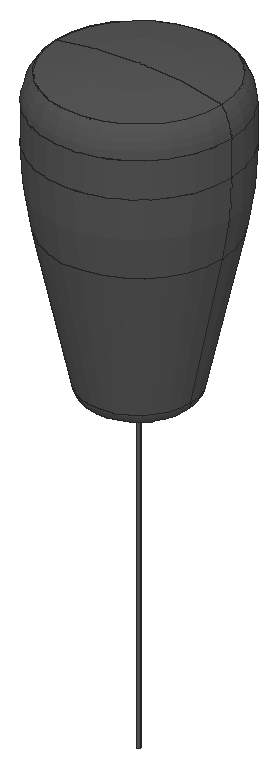
Revit family "Electronics_Desono_Biamp_Two-Way-Pendant-Mount-Loudspeaker_P6", category Communication Devices, host Face, Revit 2020
Family settings
  Host = Face
  Maintain Annotation Orientation = No
  Round Connector Dimension = Use Diameter
  Part Type = Normal
  OmniClass Number = 23.85.10.11.14.14.14
  OmniClass Title = Loudspeakers
  Cut with Voids When Loaded = No
  Shared = No
  Room Calculation Point = No
Parameters (values of type "P6 B")
  Weight = 11.0231 lbf  # constant formula
  URL = "https://www.biamp.com/"
  Transformer = "70V: 60W, 30W, 15W, 7.5W, 3.75W, 1.875W; 100V: 60W, 30W, 15W, 7.5W, 3.75W"  # constant formula
  Transducers = "LF 1 x 6.5 (165 mm) polypropylene cone; HF 1 x 1 (25 mm) soft dome"  # constant formula
  Shipping Weight = 31.967 lbf  # constant formula
  Recommended Amplifers = "60W - 120W @ 6 ohms (19V-27V)"  # constant formula
  Required Accessories = "80 Hz, 12dB/Oct high pass flter"  # constant formula
  Product data url = "https://www.bimobject.com/biamp/product/desono-p6_desono-pendant"
  Product Page URL = "https://www.biamp.com/products/product-families/desono/pendant-loudspeakers#desono-p6"
  Product Documentation Link = "https://downloads.biamp.com/assets/docs/default-source/data-sheets/biamp_data_sheet_desono_p6_feb21.pdf"
  Pendant Length [instance] = 1' - 3 191/256"
  Operating Range (-10dB) = "75 Hz to 18.5 kHz (-10dB)"  # constant formula
  Operating Mode = "Passive with DSP"  # constant formula
  Operating Environment = "Indoor/Outdoor (splash applications only)"  # constant formula
  Nominal Sensitivity @ 1m = "Passive - 1W 86dB - 2.83V 88dB)"  # constant formula
  Nominal Maximum SPL @ 1m = "Passive - Peak 110dB - Continuous 104dB)"  # constant formula
  Nominal Beamwidth  (H x V) = "90°, conical"  # constant formula
  Nom Pendant Length [instance] = if(or(Pendant Length < 0' 1", Pendant Length = 0' 1"), 0' 1", if(and(Pendant Length > 0' 1", Pendant Length < 16' 4"), Pendant Length, if(or(Pendant Length > 16' 4", Pendant Length = 16' 4"), 16' 4", 0' 0")))  # 1' - 3 191/256"
  Mounting Provisions = "Two pre-terminated aircraft cables (one as primary support,one as a safety cable), and Griplock cable fasteners 14 feet (4.3 m) of pre-terminated Magic Cable"  # constant formula
  Model = "P6 B"
  Min Pendant Length [instance] = 0' - 1"  # constant formula
  Max Pendant Length [instance] = 16' - 4"  # constant formula
  Manufacturer = "Biamp"  # constant formula
  Input Connection = "Pre-terminated inside housing"  # constant formula
  Housing Material = Biamp - Plastic - Black
  Height = 1' - 3.62992"  # constant formula
  Grill Material = Biamp - Plastic - Black(Grid)
  Diameter = 0' - 9.37008"  # constant formula
  Description = "Desono™ P6 Two-Way 6.5-Inch Pendant Mount Loudspeaker"  # constant formula
  Default Elevation = 4' - 0"
  Controls = "Wattage / low impedance selector switch"  # constant formula
  Continuous Power Handling Nominal Impedance = "Passive - 19V - 60W @ 6 ohms (240W peak)"  # constant formula
  Connector Description = "Terminal block; Low Impedance 6 ohms, 70/100V operation"  # constant formula
  Compliance = "ETL listed to comply with UL 1480A,Certifed to CSA C22.2#62368-1 and CSA C22.2#60950-22 Cable listed to comply with UL 13, Class 3 Indoor/Outdoor rated Suspension system and Griplock cable fasteners listed per UL1598 and UL2239, TUV and CSA Class 3426-01 and Class 3426-81"  # constant formula
  Bracket Material = Biamp - Metal - Black
Types (2): name | Pendant Length | Nom Pendant Length | Model | Housing Material | Grill Material | Bracket Material
  P6 W | 1' - 3.74803" | 1' - 3.74803" | "P6 W" | Biamp - Plastic - White | Biamp - Plastic - White(Grid) | Biamp - Metal - White
  P6 B | 1' - 3 191/256" | 1' - 3 191/256" | "P6 B" | Biamp - Plastic - Black | Biamp - Plastic - Black(Grid) | Biamp - Metal - Black
Reference planes (in)
  plane 1 "Center (Front/Back)": y = 0
  plane 2: z = 0
  plane 3 "Center (Left/Right)": x = 0
Forms (in)
  Extrusion 1, solid, material "Biamp - Metal - Black" <- "Bracket Material"
    sketch origin (0, 0, 0) x (-1, 0, 0) y (0, -1, 0)
      loop
        circle (0, 0) r 0.09843
    from 0 to 15.74609
  Revolve 2, solid, material "Biamp - Plastic - Black" <- "Housing Material", detail levels coarse
    sketch origin (-3.83416, 0, 15.74609) x (1, 0, 0) y (0, 0, 1)
      loop
        line (3.83416, 0.00351) -> (3.83416, 15.24409) -> (-0.45718, 15.24409)
        arc (-0.45718, 15.24409) -> (-0.73557, 15.12878) -> (-0.85088, 14.85039) r 0.3937
        line (-0.85088, 14.85039) -> (-0.85088, 11.65908)
        arc (-0.85088, 11.65908) -> (-0.74351, 9.74436) -> (-0.42274, 7.85366) r 17.12598
        arc (-0.42274, 7.85366) -> (0.49195, 4.3245) -> (1.19674, 0.7475) r 61.74106
        arc (1.19674, 0.7475) -> (1.39657, 0.37702) -> (1.75869, 0.16242) r 0.7874
        arc (1.75869, 0.16242) -> (2.78893, -0.01486) -> (3.83416, 0.00351) r 5.56923
      axis (3.83416, 0.00351) -> (3.83416, 15.24409)
    angle from 0 to 360
  Sweep 3, void
    path origin (-3.83416, 0, 15.74609) x (1, 0, 0) y (0, 0, 1)
      loop
        line (3.83416, -0.16017) -> (3.83416, 0.01385)
    profile origin (0, 0, 15.67293) x (-1, 0, 0) y (0, -1, 0)
      loop
        circle (0, 0) r 0.11811
  Revolve 4, solid, material "Biamp - Plastic - Black" <- "Housing Material", detail levels medium+fine
    sketch origin (-3.83416, 0, 15.74609) x (1, 0, 0) y (0, 0, 1)
      loop
        line (3.83416, 0.00351) -> (3.83416, 14.80118) -> (-0.35208, 14.80118)
        arc (-0.35208, 14.80118) -> (-0.7223, 14.15993) -> (-0.85088, 13.43073) r 2.13205
        line (-0.85088, 13.43073) -> (-0.85088, 11.65908)
        arc (-0.85088, 11.65908) -> (-0.74351, 9.74436) -> (-0.42274, 7.85366) r 17.12598
        arc (-0.42274, 7.85366) -> (0.49195, 4.3245) -> (1.19674, 0.7475) r 61.74106
        arc (1.19674, 0.7475) -> (1.39657, 0.37702) -> (1.75869, 0.16242) r 0.7874
        arc (1.75869, 0.16242) -> (2.78893, -0.01486) -> (3.83416, 0.00351) r 5.56923
      axis (3.83416, 0.00351) -> (3.83416, 14.80118)
    angle from 0 to 360
  Revolve 5, solid, material "Biamp - Plastic - Black(Grid)" <- "Grill Material", detail levels medium+fine
    sketch origin (-3.83416, 0, 15.74609) x (1, 0, 0) y (0, 0, 1)
      loop
        line (-0.35208, 14.80118) -> (3.83416, 14.80118) -> (3.83416, 15.24416)
        arc (3.83416, 15.24416) -> (1.72936, 15.13311) -> (-0.35208, 14.80118) r 20.00186
      axis (3.83416, 14.80118) -> (3.83416, 15.24416)
    angle from 0 to 360
Cuts and joins
  Sweep 3 cuts Revolve 2
  Sweep 3 cuts Revolve 4
Lines and regions (in)
  Masking region 1
    outline origin (0, 0, 0) x (1, 0, 0) y (0, 1, 0)
      loop
        circle (0, 0) r 4.72441
  Masking region 2
    outline origin (-3.83416, 0, 15.74609) x (1, 0, 0) y (0, 0, 1)
      loop
        line (3.93259, 0) -> (3.73574, 0) -> (3.73574, -15.74609) -> (3.93259, -15.74609) -> (3.93259, 0)
  Masking region 3
    outline origin (-3.83416, 0, 15.74609) x (1, 0, 0) y (0, 0, 1)
      loop
        arc (-0.35208, 14.80118) -> (-0.70486, 14.08801) -> (-0.85109, 13.30591) r 2.90728
        arc (-0.85109, 13.30591) -> (-0.80884, 10.56628) -> (-0.42274, 7.85366) r 21.7657
        arc (-0.42274, 7.85366) -> (0.50718, 4.32797) -> (1.19674, 0.7475) r 53.92982
        arc (1.19674, 0.7475) -> (1.80758, 0.1435) -> (2.65306, -0.00845) r 1.44887
        line (2.65306, -0.00845) -> (5.01526, -0.00845)
        arc (5.01526, -0.00845) -> (5.86074, 0.1435) -> (6.47158, 0.7475) r 1.44887
        arc (6.47158, 0.7475) -> (7.16114, 4.32797) -> (8.09106, 7.85366) r 53.92982
        arc (8.09106, 7.85366) -> (8.47717, 10.56628) -> (8.51941, 13.30591) r 21.7657
        arc (8.51941, 13.30591) -> (8.37318, 14.08801) -> (8.0204, 14.80118) r 2.90728
        arc (8.0204, 14.80118) -> (3.83416, 15.28199) -> (-0.35208, 14.80118) r 18.46452
  reference lines
    curve 1: line (-3.83416, 0, 15.74609) -> (3.25245, 0, 15.74609)
Dimensions and locks (in)
  "Nom Pendant Length": curve 1 to plane 2
  aligned and locked: plane 2 to host face
  aligned and locked: level to host face
  aligned and locked: Extrusion 1 to curve 1
  aligned and locked: Masking region 2 sketch curve to curve 1
  aligned and locked: Masking region 2 to plane 2
Automatic sketch dimensions
  host sketch curve to host sketch curve = 8' - 0"  (x2)
  plane 1 "Center (Front/Back)" to Extrusion 1 sketch curve = 0' - 0"
  Extrusion 1 sketch curve to plane 3 "Center (Left/Right)" = 0' - 0"
  Masking region 2 sketch curve to Masking region 2 sketch curve = 0' - 0.19685"
  Masking region 2 sketch curve to curve 1 = 1' - 3 191/256"
  Sweep 3 sketch curve to curve 1 = 0' - 0.01385"
  Sweep 3 sketch curve to curve 1 = 0' - 3.25245"
  curve 1 to Sweep 3 sketch curve = 0' - 0 41/256"
  Sweep 3 sketch curve to profile plane = 0' - 0"
  profile plane to Sweep 3 sketch curve = 0' - 0"
  Masking region 2 sketch curve to curve 1 = 0' - 3.35088"
  Revolve 2 sketch curve to curve 1 = 0' - 0"
  curve 1 to Revolve 2 sketch curve = 0' - 9.39445"
  Revolve 2 sketch curve to curve 1 = 0' - 0.85088"
  Revolve 2 sketch curve to Revolve 2 sketch curve = 0' - 0.3937"
  curve 1 to Revolve 2 sketch curve = 0' - 1.96446"
  curve 1 to Revolve 2 sketch curve = 0' - 3.21409"
  Revolve 2 sketch curve to curve 1 = 0' - 0.00351"
  Revolve 2 sketch curve to Revolve 2 sketch curve = 0' - 1.8697"
  curve 1 to Revolve 2 sketch curve = 0' - 9.18849"
  Revolve 2 sketch curve to curve 1 = 0' - 0.92246"
  curve 1 to Revolve 2 sketch curve = 0' - 5.53811"
  curve 1 to Revolve 2 sketch curve = 0' - 11.65908"
  curve 1 to Revolve 2 sketch curve = 1' - 2.85039"
  Revolve 2 sketch curve to curve 1 = 0' - 0.42274"
  Revolve 2 sketch curve to Revolve 2 sketch curve = 0' - 0.76772"
  Revolve 2 sketch curve to Revolve 2 sketch curve = 0' - 0"  (x2)
  Revolve 2 sketch curve to Revolve 2 sketch curve = 0' - 2.35869"
  Revolve 4 sketch curve to curve 1 = 0' - 0"
  curve 1 to Revolve 4 sketch curve = 0' - 9.39445"
  Revolve 4 sketch curve to curve 1 = 4' - 11.70564"
  Revolve 4 sketch curve to curve 1 = 0' - 0.85088"
  Revolve 4 sketch curve to curve 1 = 0' - 0.35208"
  Revolve 4 sketch curve to curve 1 = 0' - 0.92246"
  curve 1 to Revolve 4 sketch curve = 0' - 1.96446"
  curve 1 to Revolve 4 sketch curve = 0' - 3.21409"
  Revolve 4 sketch curve to Revolve 4 sketch curve = 0' - 2.55299"
  curve 1 to Revolve 4 sketch curve = 0' - 9.18849"
  Revolve 4 sketch curve to curve 1 = 0' - 0.00351"
  curve 1 to Revolve 4 sketch curve = 0' - 5.53811"
  curve 1 to Revolve 4 sketch curve = 0' - 11.65908"
  curve 1 to Revolve 4 sketch curve = 1' - 1.43073"
  Revolve 4 sketch curve to curve 1 = 0' - 0.42274"
  Revolve 4 sketch curve to curve 1 = 0' - 0.7475"
  Revolve 4 sketch curve to Revolve 4 sketch curve = 0' - 0"
  Revolve 4 sketch curve to Revolve 4 sketch curve = 0' - 2.35869"
  curve 1 to Revolve 4 sketch curve = 0' - 1.28117"
  Revolve 5 sketch curve to curve 1 = 0' - 0"
  Revolve 5 sketch curve to curve 1 = 0' - 0.35208"
  Revolve 5 sketch curve to curve 1 = 0' - 4.7577"
  Revolve 5 sketch curve to curve 1 = 0' - 3.25245"  (x2)
  Revolve 5 sketch curve to Revolve 5 sketch curve = 0' - 2.3622"
  Revolve 5 sketch curve to Revolve 5 sketch curve = 0' - 0.44298"
  curve 1 to Masking region 3 sketch curve = 0' - 7.65531"  (x2)
  Masking region 3 sketch curve to curve 1 = 4' - 4.07444"
  Masking region 3 sketch curve to curve 1 = 1' - 1.22167"
  curve 1 to Masking region 3 sketch curve = 0' - 2.0529"
  curve 1 to Masking region 3 sketch curve = 0' - 2.47509"
  Masking region 3 sketch curve to Masking region 3 sketch curve = 0' - 0.17797"
  Masking region 3 sketch curve to curve 1 = 0' - 3.25245"
  Masking region 3 sketch curve to curve 1 = 0' - 1.42945"  (x2)
  Masking region 3 sketch curve to curve 1 = 0' - 1.89338"
  Masking region 3 sketch curve to curve 1 = 0' - 1.4712"
  curve 1 to Masking region 3 sketch curve = 1' - 1.80338"
  Masking region 3 sketch curve to Masking region 3 sketch curve = 3' - 2.85277"
  Masking region 3 sketch curve to Masking region 3 sketch curve = 0' - 3.17408"
  Masking region 3 sketch curve to curve 1 = 1' - 0.271"  (x2)
  curve 1 to Masking region 3 sketch curve = 1' - 1.16767"  (x2)
  Masking region 3 sketch curve to curve 1 = 0' - 0.85109"
  Masking region 3 sketch curve to Masking region 3 sketch curve = 0' - 0"
  Masking region 3 sketch curve to curve 1 = 0' - 0.42274"
  Masking region 3 sketch curve to curve 1 = 0' - 0.35208"
  Masking region 3 sketch curve to Masking region 3 sketch curve = 0' - 2.3622"
  curve 1 to Masking region 3 sketch curve = 0' - 0.00845"
  Masking region 3 sketch curve to curve 1 = 0' - 0.61503"
  curve 1 to Masking region 3 sketch curve = 0' - 0.93378"
  curve 1 to Masking region 3 sketch curve = 0' - 1.00445"
  plane 1 "Center (Front/Back)" to Masking region 1 sketch curve = 0' - 0"
  Masking region 1 sketch curve to plane 3 "Center (Left/Right)" = 0' - 0"
  curve 1 to plane 3 "Center (Left/Right)" = 0' - 3.83416"
  plane 3 "Center (Left/Right)" to curve 1 = 0' - 3.25245"
  radius of Extrusion 1 sketch curve = 0' - 0.09843"
  radius of Sweep 3 sketch curve = 0' - 0.11811"
  radius of Masking region 1 sketch curve = 0' - 4.72441"
Connectors (in)
  electrical at (0, 0, 15.75994), driven by "Connector Description"
    settings: on cut or joined group of Sweep 3, Revolve 4, index 1, voltage 0 V, apparent load 0 VA, apparent load phase1 0 VA, apparent load phase2 0 VA, apparent load phase3 0 VA, power factor 1, load classification "Other", number of poles 1, system type 5, power factor state 1, is connector primary yes, connector utility no, sub classification motor no, connector description "Terminal block; Low Impedance 6 ohms, 70/100V operation"
